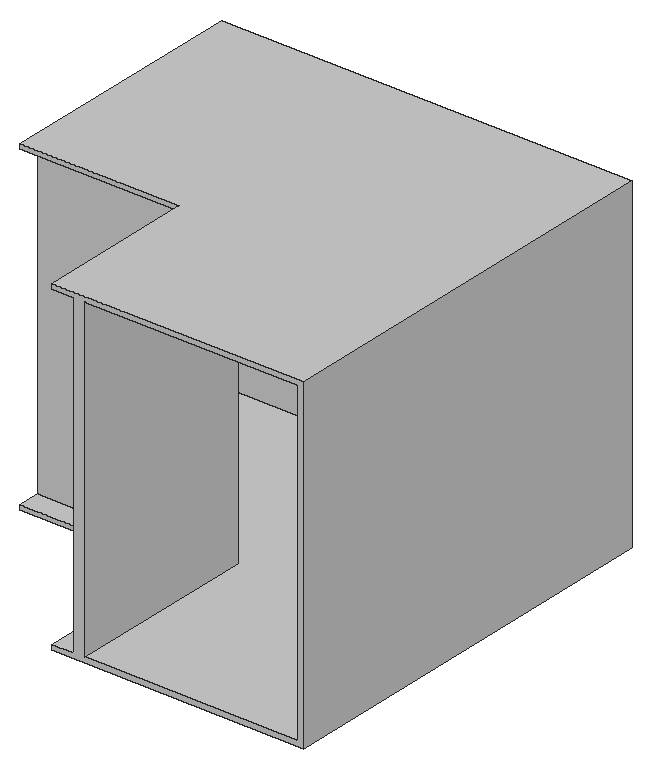
Revit family "LAMP_FIL 120 WALL CORNER SURFACE", category Modelos genéricos, Revit 2018
Family settings
  Puede alojar armadura = No
  Cota de conector redondo = Diámetro de uso
  Tipo de pieza = Normal
  Se basa en plano de trabajo = No
  Siempre vertical = Sí
  Corte con vacíos al cargar = No
  Compartido = No
  Punto de cálculo de habitación = No
Parameters (values of type "GREY")
  Product datasheet = ""
  Product code = "F12SFVCG"
  Modelo = Product code  # "F12SFVCG"
  Material [instance] = LAMP_Aluminio Perfil Fil GR
  Manufacturer name = "LAMP"
  Manufacturer country = "Spain"
  Manufacturer URL = "http://www.lamp.es/en"
  Last update = "02/02/2022"
  Installation instructions = ""
  Finish = "Gloss grey"
  Fabricante = Manufacturer name  # "LAMP"
  Description = ""
  Accessory type = "Assembly"
Types (3, lengths in mm): name | Product code | Modelo | Material | Finish
  (no name) | "F12SFVCG" | "F12SFVCG" | LAMP_Aluminio Perfil Fil GR | "Gloss grey"
  GREY | "F12SFVCG" | "F12SFVCG" | LAMP_Aluminio Perfil Fil GR | "Gloss grey"
  WHITE | "F12SFVCW" | "F12SFVCW" | LAMP_Aluminio Perfil Fil BL | "Matt white"
Reference planes
  plane 1 "Centro (Frontal/Posterior)": y = 0
  plane 2: z = 0
  plane 3 "Centro (Izquierda/Derecha)": x = 0
Forms (mm)
  Sweep 1, solid, material "LAMP_Aluminio Perfil Fil GR" <- "Material"
    path origin (0, 0, 0) x (1, 0, 0) y (0, 1, 0)
      loop
        line (0, 150) -> (150, 150) -> (150, 0)
    profile origin (75, 150, 0) x (0, 1, 0) y (0, 0, 1)
      loop
        line (0, 0) -> (0, 120) -> (-92, 120) -> (-92, 118.25) -> (-84, 118.25) -> (-84, 8) -> (-84, 1.75) -> (-92, 1.75) -> (-92, 0) -> (0, 0)
      loop
        line (-80, 110) -> (-80, 1.75) -> (-2, 1.75) -> (-2, 60) -> (-2, 118.25) -> (-80, 118.25) -> (-80, 110)
Text (mm)
  text "Any modification of the parameters and properties of the LAMP BIM models must be executed and validated by the LAMP technical department.\nPhone: +34 93 736 68 00\nE-mail: lamp@lamp.es\n\nLAMP reserves the right to modify the technical specifications of its products." at (-8707.056, -54235.317, 34126.695), in view "Preview"
Dimensions and locks
  aligned and locked: level to plane 2
